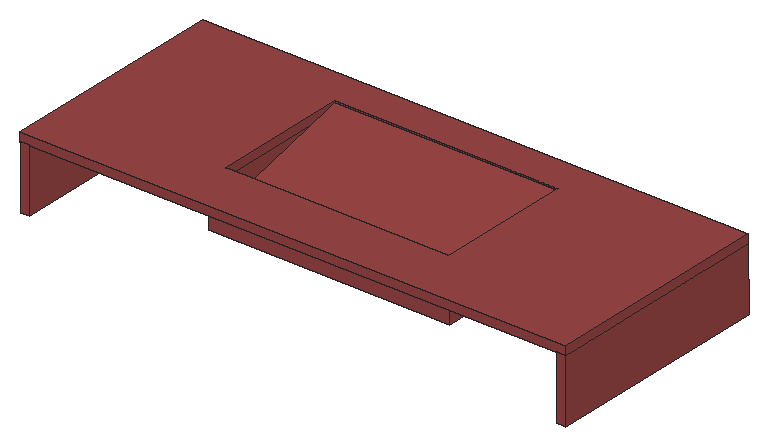
Revit family "Sanitary_Basins_Cosentino_Armony", category Plumbing Fixtures, host Wall, Revit 2020
Family settings
  Host = Wall
  Round Connector Dimension = Use Diameter
  Part Type = Normal
  Always vertical = Yes
  Cut with Voids When Loaded = No
  Shared = No
  Room Calculation Point = No
Parameters (values of type "Armony")
  Ι_Wdth Cntrl [instance] = if(Width < 500 mm, 500 mm, if(Width > 600 mm, 600 mm, Width))  # 500 mm
  Ι_Vd Dstnc [instance] = if(Tap Hole, 20 mm, 145 mm)  # 145 mm
  Ι_Lngth Cntrl [instance] = if(Length < 1200 mm, 1200 mm, if(Length > 3000 mm, 3000 mm, Length))  # 1200 mm
  Ι_Ffst 2 [instance] = if(Front Offset < 50 mm, 50 mm, 80 mm)  # 80 mm
  Ι_Ffst [instance] = if((Side Offset < Ι_SO_mn), Ι_SO_mn, if(and((Side Offset > Ι_SO_mx), (Ι_Lngth Cntrl - Side Offset) > (490 mm + Ι_SO_mn)), Ι_SO_mx, if(and((Side Offset > Ι_SO_mx), Side Offset > (Ι_Lngth Cntrl - 490 mm - Ι_SO_mn)), Ι_Lngth Cntrl - 490 mm - Ι_SO_mn, if(and((Ι_Lngth Cntrl - Ι_SO_mn - 490 mm) > Ι_SO_mx, Side Offset > Ι_SO_mx), Ι_SO_mx, if(and((Ι_Lngth Cntrl - Ι_SO_mx - 490 mm) > Ι_SO_mn, Side Offset > Ι_SO_mn), Ι_SO_mn, if((Ι_Lngth Cntrl - Side Offset) < (490 mm + 2 * Ι_SO_mn), Ι_SO_mn, Side Offset))))))  # 355 mm
  Width [instance] = 500 mm
  Vent Connection = no
  URL = "www.cosentino.com"
  Tap Hole [instance] = no
  Standard Edge [instance] = yes
  Side Offset [instance] = 355 mm
  Ι_SO_mn [instance] = if(Standard Edge, 120 mm, 100 mm)  # 120 mm
  Ι_SO_mx [instance] = if(Standard Edge, 2410 mm, 2370 mm)  # 2410 mm
  Product data url = "https://www.bimobject.com/cosentino/product/cosentino-armony"
  Product Material = Natural Stone - Cosentino - Silestone - Blanco Stellar - Suede
  Product Guid = "94ccfba4-6d37-4f0b-a6e1-04d45dce5c0f"
  Model = "Armony"
  Manufacturer = "Cosentino"
  Length [instance] = 1200 mm
  Keynote = "10800"
  Height [instance] = if(Standard Edge, 160 mm, 120 mm)  # 160 mm
  HW Connection = no
  Front Offset [instance] = 80 mm
  Edition number = 1
  Description = "The basin is one of the stars of your bathroom. Cosentino offers unique designs which fit smoothly into your room, your style, and the needs of your family.\r\n\r\nWhether it’s for a master bathroom or a downstairs WC, we have the perfect product to transform your bathroom into a warm, welcoming space."
  Default Elevation = 0 mm
  CW Connection = no
  Assembly Code = "D2010400"
Reference planes
  plane 1 "Wall": y = 0
  plane 2 "Center (Left/Right)": x = 125
  plane 3 "Back": y = 75
  plane 4: x = -475
  plane 5: x = 725
  plane 6 "Front": y = 575
  plane 7: x = -455
  plane 8: x = 705
  plane 9 "Top": z = 900
  plane 10: x = -120
  plane 11: x = 125
  plane 12: x = 370
  plane 13: x = -117.5
  plane 14: x = 367.5
  plane 15: y = 495
  plane 16: y = 555
  plane 17: y = 195
  plane 18: y = 345
  plane 19: z = 880
  plane 20: z = 800
  plane 21: z = 780
  plane 22 "Void": z = 755
  plane 23: z = 740
Forms (mm)
  Extrusion 1, solid, material "Natural Stone - Cosentino - Silestone - Blanco Stellar - Suede" <- "Product Material", detail levels medium+fine
    sketch origin (0, 0, 900) x (1, 0, 0) y (0, 1, 0)
      loop
        line (-475, 575) -> (-475, 75) -> (725, 75) -> (725, 575) -> (-475, 575)
      loop
        line (-120, 195) -> (370, 195) -> (370, 495) -> (-120, 495) -> (-120, 195)
    from 0 to -20
  Extrusion 2, void
    sketch origin (0, 0, 900) x (1, 0, 0) y (0, 1, 0)
      loop
        circle (125, 135) r 15.875
    from -145 to -125
  Extrusion 3, solid, material "Natural Stone - Cosentino - Silestone - Blanco Stellar - Suede" <- "Product Material", visible <- "Standard Edge", detail levels medium+fine
    sketch origin (0, 0, 900) x (1, 0, 0) y (0, 1, 0)
      loop
        line (-475, 575) -> (-475, 75) -> (-455, 75) -> (-455, 555) -> (705, 555) -> (705, 75) -> (725, 75) -> (725, 575) -> (-475, 575)
    from -20 to -160
  Extrusion 4, solid, not visible
    sketch origin (2359.306, 225, 780) x (1, 0, 0) y (0, 1, 0)
      loop
        circle (-2234.306, 120) r 1
    from 0 to 1
  Extrusion 5, solid, material "Natural Stone - Cosentino - Silestone - Blanco Stellar - Suede" <- "Product Material", detail levels fine
    sketch origin (2359.306, 225, 780) x (1, 0, 0) y (0, 1, 0)
      loop
        line (-2499.306, -50) -> (-1969.306, -50) -> (-1969.306, 290) -> (-2499.306, 290) -> (-2499.306, -50)
    from 0 to 20
  Extrusion 6, solid, material "Natural Stone - Cosentino - Silestone - Blanco Stellar - Suede" <- "Product Material", detail levels fine
    sketch origin (2359.306, 225, 780) x (1, 0, 0) y (0, 1, 0)
      loop
        line (-2499.306, 290) -> (-2499.306, -50) -> (-1969.306, -50) -> (-1969.306, 290) -> (-2499.306, 290)
      loop
        line (-1989.306, -30) -> (-1989.306, 270) -> (-2479.306, 270) -> (-2479.306, -30) -> (-1989.306, -30)
    from 20 to 100
  Revolve 7, void
    sketch origin (-920.737, 345, 1200) x (-1, 0, 0) y (0, 0, 1)
      loop
        line (-1045.737, -420) -> (-1045.737, -400) -> (-1077.237, -400) -> (-1077.237, -405) -> (-1067.237, -407) -> (-1067.237, -420) -> (-1045.737, -420)
      axis (-1045.737, -420) -> (-1045.737, -400)
    angle from 0 to 360
  Extrusion 8, solid, material "Natural Stone - Cosentino - Silestone - Blanco Stellar - Suede" <- "Product Material", detail levels fine
    sketch origin (125, 0, 0) x (0, 1, 0) y (0, 0, 1)
      loop
        line (493.166, 885.861) -> (493.166, 898.2) -> (196.561, 827.171) -> (195, 824.812) -> (196.794, 815.993) -> (493.166, 885.861)
    from -242.5 to 242.5
  Extrusion 9, solid, material "Natural Stone - Cosentino - Silestone - Blanco Stellar - Suede" <- "Product Material", detail levels fine
    sketch origin (125, 0, 0) x (0, 1, 0) y (0, 0, 1)
      loop
        line (453.175, 876.433) -> (453.175, 800) -> (473.185, 800) -> (473.185, 881.15) -> (453.175, 876.433)
      loop
        line (230.289, 823.889) -> (210.289, 819.174) -> (210.289, 800) -> (230.289, 800) -> (230.289, 823.889)
    from -242.5 to 242.5
  Extrusion 10, solid, material "Natural Stone - Cosentino - Silestone - Blanco Stellar - Suede" <- "Product Material", detail levels coarse
    sketch origin (2359.306, 225, 780) x (1, 0, 0) y (0, 1, 0)
      loop
        line (-2834.306, 350) -> (-2834.306, -150) -> (-1634.306, -150) -> (-1634.306, 350) -> (-2834.306, 350)
    from -40 to 120
  Extrusion 11, solid, material "Natural Stone - Cosentino - Silestone - Blanco Stellar - Suede" <- "Product Material", detail levels medium
    sketch origin (2359.306, 225, 780) x (1, 0, 0) y (0, 1, 0)
      loop
        line (-2499.306, 290) -> (-2499.306, -50) -> (-1969.306, -50) -> (-1969.306, 290) -> (-2499.306, 290)
    from 0 to 20
  Extrusion 12, solid, material "Natural Stone - Cosentino - Silestone - Blanco Stellar - Suede" <- "Product Material", detail levels medium
    sketch origin (2359.306, 225, 800) x (1, 0, 0) y (0, 1, 0)
      loop
        line (-2499.306, 290) -> (-2499.306, -50) -> (-1969.306, -50) -> (-1969.306, 290) -> (-2499.306, 290)
      loop
        line (-1989.306, -30) -> (-1989.306, 270) -> (-2479.306, 270) -> (-2479.306, -30) -> (-1989.306, -30)
    from 0 to 80
  Extrusion 13, void
    sketch origin (2359.306, 225, 740) x (1, 0, 0) y (0, 1, 0)
      loop
        circle (-2234.306, 120) r 15.875
    from 0 to 40
Cuts and joins
  Extrusion 2 cuts Extrusion 1
  Revolve 7 cuts Extrusion 5
  Revolve 7 cuts Extrusion 6
  joined: Extrusion 5, Extrusion 6
  Extrusion 13 cuts Extrusion 10
Text (mm)
  text "Placement Side" at (-1848.837, 1116.779, 0), in view "Ref. Level"
  text "Placement side" at (0, 1409.804, 2854.306), in view "Left"
  text "Placement side" at (0, 499.811, 2980.732), in view "Right"
Dimensions and locks
  locked: plane 3 "Back" to host wall
  "Ι_Wdth Cntrl": plane 3 "Back" to plane 6 "Front"
  locked: plane 4 to plane 7 at 20
  locked: plane 8 to plane 5 at 20
  "Ι_Lngth Cntrl": plane 4 to plane 5
  equal spacing: plane 10, plane 11, plane 12
  locked: plane 10 to plane 12 at 490
  locked: plane 10 to plane 13 at 2.5
  locked: plane 14 to plane 12 at 2.5
  "Ι_Ffst 2": plane 6 "Front" to plane 15
  locked: plane 6 "Front" to plane 16 at 20
  equal spacing: plane 15, plane 18, plane 17
  locked: plane 15 to plane 17 at 300
  equal spacing: plane 3 "Back", Extrusion 2 sketch curve, plane 17
  locked: plane 19 to plane 9 "Top" at 20
  locked: plane 21 to plane 20 at 20
  locked: plane 21 to plane 9 "Top" at 120
  "Ι_Vd Dstnc": plane 22 "Void" to plane 9 "Top"
  locked: plane 22 "Void" to Extrusion 2 at 20
  locked: plane 23 to plane 9 "Top" at 160
  "Ι_Ffst": plane 12 to plane 5
  equal spacing: plane 4, plane 2 "Center (Left/Right)", plane 5
  locked: Extrusion 5 sketch curve to plane 10 at 20
  locked: plane 12 to Extrusion 5 sketch curve at 20
  locked: Extrusion 5 sketch curve to plane 15 at 20
  locked: plane 17 to Extrusion 5 sketch curve at 20
  locked: plane 17 to Extrusion 6 sketch curve at 20
  locked: Extrusion 6 sketch curve to plane 15 at 20
  locked: Extrusion 6 sketch curve to plane 10 at 20
  locked: plane 12 to Extrusion 6 sketch curve at 20
  Revolve 7 sketch curve to Revolve 7 sketch curve to plane 11 = 10 mm locked, 21.5 mm locked
  plane 21 to Revolve 7 sketch curve to Revolve 7 sketch curve = 13 mm locked, 2 mm locked
  plane 15 to Extrusion 9 sketch curve to Extrusion 9 sketch curve = 21.815 mm locked, 20.01 mm locked
  Extrusion 9 sketch curve to Extrusion 9 sketch curve to plane 17 = 20 mm locked, 15.289 mm locked
  Extrusion 9 sketch curve to Extrusion 9 sketch curve to plane 20 = 4.717 mm locked, 76.433 mm locked
  Extrusion 9 sketch curve to Extrusion 9 sketch curve to plane 20 = 4.715 mm locked, 19.174 mm locked
  locked: Extrusion 11 sketch curve to plane 15 at 20
  locked: plane 17 to Extrusion 11 sketch curve at 20
  locked: Extrusion 11 sketch curve to plane 10 at 20
  locked: plane 12 to Extrusion 11 sketch curve at 20
  locked: plane 12 to Extrusion 12 sketch curve at 20
  locked: Extrusion 12 sketch curve to plane 10 at 20
  locked: plane 17 to Extrusion 12 sketch curve at 20
  locked: Extrusion 12 sketch curve to plane 15 at 20
  aligned and locked: plane 1 "Wall" to host wall
  aligned and locked: Extrusion 1 sketch curve to plane 3 "Back"
  aligned and locked: Extrusion 1 sketch curve to plane 6 "Front"
  aligned and locked: plane 5 to Extrusion 1 sketch curve
  aligned and locked: plane 4 to Extrusion 1 sketch curve
  aligned and locked: Extrusion 1 sketch curve to plane 17
  aligned and locked: Extrusion 1 sketch curve to plane 10
  aligned and locked: plane 15 to Extrusion 1 sketch curve
  aligned and locked: plane 12 to Extrusion 1 sketch curve
  aligned and locked: plane 11 to Extrusion 2 sketch curve
  aligned and locked: Extrusion 1 to plane 19
  aligned and locked: Extrusion 2 to plane 22 "Void"
  aligned and locked: plane 6 "Front" to Extrusion 3 sketch curve
  aligned and locked: Extrusion 3 sketch curve to plane 4
  aligned and locked: plane 7 to Extrusion 3 sketch curve
  aligned and locked: Extrusion 3 sketch curve to plane 16
  aligned and locked: Extrusion 3 sketch curve to plane 5
  aligned and locked: plane 8 to Extrusion 3 sketch curve
  aligned and locked: plane 3 "Back" to Extrusion 3 sketch curve  (x2)
  aligned and locked: plane 19 to Extrusion 3
  aligned and locked: Extrusion 3 to plane 23
  aligned and locked: plane 11 to Extrusion 4 sketch curve
  aligned and locked: plane 18 to Extrusion 4 sketch curve
  aligned and locked: plane 20 to Extrusion 5
  aligned and locked: plane 10 to Extrusion 6 sketch curve
  aligned and locked: Extrusion 6 sketch curve to plane 15
  aligned and locked: Extrusion 6 sketch curve to plane 12
  aligned and locked: plane 17 to Extrusion 6 sketch curve
  aligned and locked: plane 19 to Extrusion 6
  aligned and locked: Extrusion 6 to plane 20
  aligned and locked: Revolve 7 sketch curve to plane 11  (x2)
  aligned and locked: plane 21 to Revolve 7 sketch curve
  aligned and locked: plane 20 to Revolve 7 sketch curve
  aligned and locked: Extrusion 9 sketch curve to plane 20  (x2)
  aligned and locked: Extrusion 8 to plane 13
  aligned and locked: Extrusion 8 to plane 14
  aligned and locked: Extrusion 9 to plane 14
  aligned and locked: Extrusion 9 to plane 13
  aligned and locked: plane 5 to Extrusion 10 sketch curve
  aligned and locked: Extrusion 10 sketch curve to plane 3 "Back"
  aligned and locked: Extrusion 10 sketch curve to plane 6 "Front"
  aligned and locked: plane 4 to Extrusion 10 sketch curve
  aligned and locked: Extrusion 10 to plane 23
  aligned and locked: plane 9 "Top" to Extrusion 10
  aligned and locked: plane 20 to Extrusion 11
  aligned and locked: plane 10 to Extrusion 12 sketch curve
  aligned and locked: Extrusion 12 sketch curve to plane 15
  aligned and locked: Extrusion 12 sketch curve to plane 12
  aligned and locked: plane 17 to Extrusion 12 sketch curve
  aligned and locked: plane 19 to Extrusion 12
  aligned and locked: plane 11 to Extrusion 13 sketch curve
  aligned and locked: plane 18 to Extrusion 13 sketch curve
  aligned and locked: plane 21 to Extrusion 13
Automatic sketch dimensions
  Revolve 7 sketch curve to plane 23 = 200 mm
  plane 9 "Top" to Revolve 7 sketch curve = 340 mm
  Extrusion 8 sketch curve to plane 17 = 0 mm
  plane 17 to Extrusion 8 sketch curve = 1.561 mm
  plane 17 to Extrusion 8 sketch curve = 1.794 mm
  Extrusion 8 sketch curve to plane 15 = 1.834 mm
  plane 20 to Extrusion 8 sketch curve = 15.993 mm
  Extrusion 8 sketch curve to Extrusion 8 sketch curve = 8.819 mm
  Extrusion 8 sketch curve to Extrusion 8 sketch curve = 2.358 mm
  plane 19 to Extrusion 8 sketch curve = 5.861 mm
  Extrusion 8 sketch curve to plane 9 "Top" = 1.8 mm
  radius of Extrusion 2 sketch curve = 15.875 mm
  radius of Extrusion 4 sketch curve = 1 mm
  radius of Extrusion 13 sketch curve = 15.875 mm
Connectors
  piping at (125, 345, 780), diameter 35
    settings: on Extrusion 4, index 1, connector inside diameter 609.6 mm, connector length 0 mm, flow factor 0, pipe flow 0.0 L/s, pressure drop 0.0 Pa, fitting loss kfactor 0, connector angle 0.00°, fixture units 0, engagement length 0 mm, angle of deflection 0.00°, flow configuration 3, flow direction 2, fitting loss method 0, system type 16, joint type 0, gender type 0, connector reference index -1, connector utility 0, adjustable connector no, is connector primary yes, connector description ""
